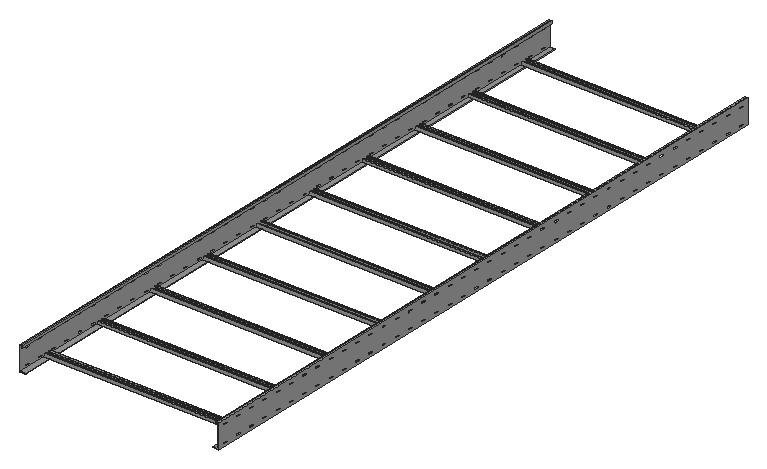
Revit family "Kabelleiter SCLS 1190 3 FTSO", category Generic Models, Revit 2017 (continued)
Dimensions and locks
  locked: plane 51 to Extrusion 14 sketch curve at 14
  locked: Extrusion 15 sketch curve to Extrusion 15 sketch curve at 9
  locked: plane 54 to Extrusion 15 sketch curve at 4.5
  locked: Extrusion 15 sketch curve to Extrusion 15 sketch curve at 28
  locked: plane 53 to Extrusion 15 sketch curve at 14
  locked: Extrusion 16 sketch curve to Extrusion 16 sketch curve at 9
  locked: plane 56 to Extrusion 16 sketch curve at 4.5
  locked: Extrusion 16 sketch curve to Extrusion 16 sketch curve at 28
  locked: plane 55 to Extrusion 16 sketch curve at 14
  group 4 to group 5 = 0 mm  (x2)
  group 4 to group 5 = 75 mm
  locked: Extrusion 17 sketch curve to Extrusion 17 sketch curve at 9
  locked: plane 58 to Extrusion 17 sketch curve at 4.5
  locked: Extrusion 17 sketch curve to Extrusion 17 sketch curve at 28
  locked: plane 57 to Extrusion 17 sketch curve at 14
  locked: Extrusion 18 sketch curve to Extrusion 18 sketch curve at 9
  locked: plane 60 to Extrusion 18 sketch curve at 4.5
  locked: Extrusion 18 sketch curve to Extrusion 18 sketch curve at 28
  locked: plane 59 to Extrusion 18 sketch curve at 14
  group 7 to group 8 = 0 mm  (x2)
  group 7 to group 8 = 75 mm
  locked: Extrusion 19 sketch curve to Extrusion 19 sketch curve at 9
  locked: plane 62 to Extrusion 19 sketch curve at 4.5
  locked: Extrusion 19 sketch curve to Extrusion 19 sketch curve at 28
  locked: plane 61 to Extrusion 19 sketch curve at 14
  locked: Extrusion 20 sketch curve to Extrusion 20 sketch curve at 9
  locked: plane 64 to Extrusion 20 sketch curve at 4.5
  locked: Extrusion 20 sketch curve to Extrusion 20 sketch curve at 28
  locked: plane 63 to Extrusion 20 sketch curve at 14
  group 10 to group 11 = 0 mm  (x2)
  group 10 to group 11 = 75 mm
  locked: Extrusion 21 sketch curve to Extrusion 21 sketch curve at 9
  locked: plane 66 to Extrusion 21 sketch curve at 4.5
  locked: Extrusion 21 sketch curve to Extrusion 21 sketch curve at 28
  locked: plane 65 to Extrusion 21 sketch curve at 14
  locked: Extrusion 22 sketch curve to Extrusion 22 sketch curve at 9
  locked: plane 68 to Extrusion 22 sketch curve at 4.5
  locked: Extrusion 22 sketch curve to Extrusion 22 sketch curve at 28
  locked: plane 67 to Extrusion 22 sketch curve at 14
  group 13 to group 14 = 0 mm  (x2)
  group 13 to group 14 = 75 mm
  locked: Extrusion 23 sketch curve to Extrusion 23 sketch curve at 9
  locked: plane 70 to Extrusion 23 sketch curve at 4.5
  locked: Extrusion 23 sketch curve to Extrusion 23 sketch curve at 28
  locked: plane 69 to Extrusion 23 sketch curve at 14
  locked: Extrusion 24 sketch curve to Extrusion 24 sketch curve at 9
  locked: plane 72 to Extrusion 24 sketch curve at 4.5
  locked: Extrusion 24 sketch curve to Extrusion 24 sketch curve at 28
  locked: plane 71 to Extrusion 24 sketch curve at 14
  group 16 to group 17 = 0 mm  (x2)
  group 16 to group 17 = 75 mm
  locked: Extrusion 25 sketch curve to Extrusion 25 sketch curve at 9
  locked: plane 74 to Extrusion 25 sketch curve at 4.5
  locked: Extrusion 25 sketch curve to Extrusion 25 sketch curve at 28
  locked: plane 73 to Extrusion 25 sketch curve at 14
  locked: Extrusion 26 sketch curve to Extrusion 26 sketch curve at 9
  locked: plane 76 to Extrusion 26 sketch curve at 4.5
  locked: Extrusion 26 sketch curve to Extrusion 26 sketch curve at 28
  locked: plane 75 to Extrusion 26 sketch curve at 14
  group 19 to group 20 = 0 mm  (x2)
  group 19 to group 20 = 75 mm
  locked: Extrusion 27 sketch curve to Extrusion 27 sketch curve at 9
  locked: plane 78 to Extrusion 27 sketch curve at 4.5
  locked: Extrusion 27 sketch curve to Extrusion 27 sketch curve at 28
  locked: plane 77 to Extrusion 27 sketch curve at 14
  locked: Extrusion 28 sketch curve to Extrusion 28 sketch curve at 9
  locked: plane 80 to Extrusion 28 sketch curve at 4.5
  locked: Extrusion 28 sketch curve to Extrusion 28 sketch curve at 28
  locked: plane 79 to Extrusion 28 sketch curve at 14
  group 22 to group 23 = 0 mm  (x2)
  group 22 to group 23 = 75 mm
  locked: Extrusion 29 sketch curve to Extrusion 29 sketch curve at 9
  locked: plane 82 to Extrusion 29 sketch curve at 4.5
  locked: Extrusion 29 sketch curve to Extrusion 29 sketch curve at 28
  locked: plane 81 to Extrusion 29 sketch curve at 14
  locked: Extrusion 30 sketch curve to Extrusion 30 sketch curve at 9
  locked: plane 84 to Extrusion 30 sketch curve at 4.5
  locked: Extrusion 30 sketch curve to Extrusion 30 sketch curve at 28
  locked: plane 83 to Extrusion 30 sketch curve at 14
  group 25 to group 26 = 0 mm  (x2)
  group 25 to group 26 = 75 mm
  locked: Extrusion 31 sketch curve to Extrusion 31 sketch curve at 9
  locked: plane 86 to Extrusion 31 sketch curve at 4.5
  locked: Extrusion 31 sketch curve to Extrusion 31 sketch curve at 28
  locked: plane 85 to Extrusion 31 sketch curve at 14
  locked: Extrusion 32 sketch curve to Extrusion 32 sketch curve at 9
  locked: plane 88 to Extrusion 32 sketch curve at 4.5
  locked: Extrusion 32 sketch curve to Extrusion 32 sketch curve at 28
  locked: plane 87 to Extrusion 32 sketch curve at 14
  group 28 to group 29 = 0 mm  (x2)
  group 28 to group 29 = 75 mm
  locked: Extrusion 33 sketch curve to Extrusion 33 sketch curve at 9
  locked: plane 90 to Extrusion 33 sketch curve at 4.5
  locked: Extrusion 33 sketch curve to Extrusion 33 sketch curve at 28
  locked: plane 89 to Extrusion 33 sketch curve at 14
  locked: Extrusion 34 sketch curve to Extrusion 34 sketch curve at 9
  locked: plane 92 to Extrusion 34 sketch curve at 4.5
  locked: Extrusion 34 sketch curve to Extrusion 34 sketch curve at 28
  locked: plane 91 to Extrusion 34 sketch curve at 14
  group 31 to group 32 = 0 mm  (x2)
  group 31 to group 32 = 75 mm
  locked: Extrusion 35 sketch curve to Extrusion 35 sketch curve at 9
  locked: plane 94 to Extrusion 35 sketch curve at 4.5
  locked: Extrusion 35 sketch curve to Extrusion 35 sketch curve at 28
  locked: plane 93 to Extrusion 35 sketch curve at 14
  locked: Extrusion 36 sketch curve to Extrusion 36 sketch curve at 9
  locked: plane 96 to Extrusion 36 sketch curve at 4.5
  locked: Extrusion 36 sketch curve to Extrusion 36 sketch curve at 28
  locked: plane 95 to Extrusion 36 sketch curve at 14
  group 34 to group 35 = 0 mm  (x2)
  group 34 to group 35 = 75 mm
  locked: Extrusion 37 sketch curve to Extrusion 37 sketch curve at 9
  locked: plane 98 to Extrusion 37 sketch curve at 4.5
  locked: Extrusion 37 sketch curve to Extrusion 37 sketch curve at 28
  locked: plane 97 to Extrusion 37 sketch curve at 14
  locked: Extrusion 38 sketch curve to Extrusion 38 sketch curve at 9
  locked: plane 100 to Extrusion 38 sketch curve at 4.5
  locked: Extrusion 38 sketch curve to Extrusion 38 sketch curve at 28
  locked: plane 99 to Extrusion 38 sketch curve at 14
  group 37 to group 38 = 0 mm  (x2)
  group 37 to group 38 = 75 mm
  locked: Extrusion 39 sketch curve to Extrusion 39 sketch curve at 9
  locked: plane 102 to Extrusion 39 sketch curve at 4.5
  locked: Extrusion 39 sketch curve to Extrusion 39 sketch curve at 28
  locked: plane 101 to Extrusion 39 sketch curve at 14
  locked: Extrusion 40 sketch curve to Extrusion 40 sketch curve at 9
  locked: plane 104 to Extrusion 40 sketch curve at 4.5
  locked: Extrusion 40 sketch curve to Extrusion 40 sketch curve at 28
  locked: plane 103 to Extrusion 40 sketch curve at 14
  group 40 to group 41 = 0 mm  (x2)
  group 40 to group 41 = 75 mm
  locked: Extrusion 41 sketch curve to Extrusion 41 sketch curve at 9
  locked: plane 106 to Extrusion 41 sketch curve at 4.5
  locked: Extrusion 41 sketch curve to Extrusion 41 sketch curve at 28
  locked: plane 105 to Extrusion 41 sketch curve at 14
  locked: Extrusion 42 sketch curve to Extrusion 42 sketch curve at 9
  locked: plane 108 to Extrusion 42 sketch curve at 4.5
  locked: Extrusion 42 sketch curve to Extrusion 42 sketch curve at 28
  locked: plane 107 to Extrusion 42 sketch curve at 14
  group 43 to group 44 = 0 mm  (x2)
  group 43 to group 44 = 75 mm
  locked: Extrusion 43 sketch curve to Extrusion 43 sketch curve at 9
  locked: plane 110 to Extrusion 43 sketch curve at 4.5
  locked: Extrusion 43 sketch curve to Extrusion 43 sketch curve at 28
  locked: plane 109 to Extrusion 43 sketch curve at 14
  locked: Extrusion 44 sketch curve to Extrusion 44 sketch curve at 9
  locked: plane 112 to Extrusion 44 sketch curve at 4.5
  locked: Extrusion 44 sketch curve to Extrusion 44 sketch curve at 28
  locked: plane 111 to Extrusion 44 sketch curve at 14
  group 46 to group 47 = 0 mm  (x2)
  group 46 to group 47 = 75 mm
  locked: Extrusion 45 sketch curve to Extrusion 45 sketch curve at 9
  locked: plane 114 to Extrusion 45 sketch curve at 4.5
  locked: Extrusion 45 sketch curve to Extrusion 45 sketch curve at 28
  locked: plane 113 to Extrusion 45 sketch curve at 14
  locked: Extrusion 46 sketch curve to Extrusion 46 sketch curve at 9
  locked: plane 116 to Extrusion 46 sketch curve at 4.5
  locked: Extrusion 46 sketch curve to Extrusion 46 sketch curve at 28
  locked: plane 115 to Extrusion 46 sketch curve at 14
  group 49 to group 50 = 0 mm  (x2)
  group 49 to group 50 = 75 mm
  locked: Extrusion 47 sketch curve to Extrusion 47 sketch curve at 9
  locked: plane 118 to Extrusion 47 sketch curve at 4.5
  locked: Extrusion 47 sketch curve to Extrusion 47 sketch curve at 28
  locked: plane 117 to Extrusion 47 sketch curve at 14
  locked: Extrusion 48 sketch curve to Extrusion 48 sketch curve at 9
  locked: plane 120 to Extrusion 48 sketch curve at 4.5
  locked: Extrusion 48 sketch curve to Extrusion 48 sketch curve at 28
  locked: plane 119 to Extrusion 48 sketch curve at 14
  group 52 to group 53 = 0 mm  (x2)
  group 52 to group 53 = 75 mm
  locked: Extrusion 49 sketch curve to Extrusion 49 sketch curve at 9
  locked: plane 122 to Extrusion 49 sketch curve at 4.5
  locked: Extrusion 49 sketch curve to Extrusion 49 sketch curve at 28
  locked: plane 121 to Extrusion 49 sketch curve at 14
  locked: Extrusion 50 sketch curve to Extrusion 50 sketch curve at 9
  locked: plane 124 to Extrusion 50 sketch curve at 4.5
  locked: Extrusion 50 sketch curve to Extrusion 50 sketch curve at 28
  locked: plane 123 to Extrusion 50 sketch curve at 14
  group 55 to group 56 = 0 mm  (x2)
  group 55 to group 56 = 75 mm
  locked: Extrusion 51 sketch curve to Extrusion 51 sketch curve at 9
  locked: plane 126 to Extrusion 51 sketch curve at 4.5
  locked: Extrusion 51 sketch curve to Extrusion 51 sketch curve at 28
  locked: plane 125 to Extrusion 51 sketch curve at 14
  locked: Extrusion 52 sketch curve to Extrusion 52 sketch curve at 9
  locked: plane 128 to Extrusion 52 sketch curve at 4.5
  locked: Extrusion 52 sketch curve to Extrusion 52 sketch curve at 28
  locked: plane 127 to Extrusion 52 sketch curve at 14
  group 58 to group 59 = 0 mm  (x2)
  group 58 to group 59 = 75 mm
  locked: Extrusion 53 sketch curve to Extrusion 53 sketch curve at 9
  locked: plane 130 to Extrusion 53 sketch curve at 4.5
  locked: Extrusion 53 sketch curve to Extrusion 53 sketch curve at 28
  locked: plane 129 to Extrusion 53 sketch curve at 14
  locked: Extrusion 54 sketch curve to Extrusion 54 sketch curve at 9
  locked: plane 132 to Extrusion 54 sketch curve at 4.5
  locked: Extrusion 54 sketch curve to Extrusion 54 sketch curve at 28
  locked: plane 131 to Extrusion 54 sketch curve at 14
  group 61 to group 62 = 0 mm  (x2)
  group 61 to group 62 = 75 mm
  locked: Extrusion 55 sketch curve to Extrusion 55 sketch curve at 9
  locked: plane 134 to Extrusion 55 sketch curve at 4.5
  locked: Extrusion 55 sketch curve to Extrusion 55 sketch curve at 28
  locked: plane 133 to Extrusion 55 sketch curve at 14
  locked: Extrusion 56 sketch curve to Extrusion 56 sketch curve at 9
  locked: plane 136 to Extrusion 56 sketch curve at 4.5
  locked: Extrusion 56 sketch curve to Extrusion 56 sketch curve at 28
  locked: plane 135 to Extrusion 56 sketch curve at 14
  group 64 to group 65 = 0 mm  (x2)
  group 64 to group 65 = 75 mm
  locked: Extrusion 57 sketch curve to Extrusion 57 sketch curve at 9
  locked: plane 138 to Extrusion 57 sketch curve at 4.5
  locked: Extrusion 57 sketch curve to Extrusion 57 sketch curve at 28
  locked: plane 137 to Extrusion 57 sketch curve at 14
  locked: Extrusion 58 sketch curve to Extrusion 58 sketch curve at 9
  locked: plane 140 to Extrusion 58 sketch curve at 4.5
  locked: Extrusion 58 sketch curve to Extrusion 58 sketch curve at 28
  locked: plane 139 to Extrusion 58 sketch curve at 14
  group 67 to group 68 = 0 mm  (x2)
  group 67 to group 68 = 75 mm
  locked: Extrusion 59 sketch curve to Extrusion 59 sketch curve at 9
  locked: plane 142 to Extrusion 59 sketch curve at 4.5
  locked: Extrusion 59 sketch curve to Extrusion 59 sketch curve at 28
  locked: plane 141 to Extrusion 59 sketch curve at 14
  locked: Extrusion 60 sketch curve to Extrusion 60 sketch curve at 9
  locked: plane 144 to Extrusion 60 sketch curve at 4.5
  locked: Extrusion 60 sketch curve to Extrusion 60 sketch curve at 28
  locked: plane 143 to Extrusion 60 sketch curve at 14
  group 70 to group 71 = 0 mm  (x2)
  group 70 to group 71 = 75 mm
  locked: Extrusion 61 sketch curve to Extrusion 61 sketch curve at 9
  locked: plane 146 to Extrusion 61 sketch curve at 4.5
  locked: Extrusion 61 sketch curve to Extrusion 61 sketch curve at 28
  locked: plane 145 to Extrusion 61 sketch curve at 14
  locked: Extrusion 62 sketch curve to Extrusion 62 sketch curve at 9
  locked: plane 148 to Extrusion 62 sketch curve at 4.5
  locked: Extrusion 62 sketch curve to Extrusion 62 sketch curve at 28
  locked: plane 147 to Extrusion 62 sketch curve at 14
  group 73 to group 74 = 0 mm  (x2)
  group 73 to group 74 = 75 mm
  locked: Extrusion 63 sketch curve to Extrusion 63 sketch curve at 9
  locked: plane 150 to Extrusion 63 sketch curve at 4.5
  locked: Extrusion 63 sketch curve to Extrusion 63 sketch curve at 28
  locked: plane 149 to Extrusion 63 sketch curve at 14
  locked: Extrusion 64 sketch curve to Extrusion 64 sketch curve at 9
  locked: plane 152 to Extrusion 64 sketch curve at 4.5
  locked: Extrusion 64 sketch curve to Extrusion 64 sketch curve at 28
  locked: plane 151 to Extrusion 64 sketch curve at 14
  group 76 to group 77 = 0 mm  (x2)
  group 76 to group 77 = 75 mm
  locked: Extrusion 65 sketch curve to Extrusion 65 sketch curve at 9
  locked: plane 154 to Extrusion 65 sketch curve at 4.5
  locked: Extrusion 65 sketch curve to Extrusion 65 sketch curve at 28
  locked: plane 153 to Extrusion 65 sketch curve at 14
  locked: Extrusion 66 sketch curve to Extrusion 66 sketch curve at 9
  locked: plane 156 to Extrusion 66 sketch curve at 4.5
  locked: Extrusion 66 sketch curve to Extrusion 66 sketch curve at 28
  locked: plane 155 to Extrusion 66 sketch curve at 14
  group 79 to group 80 = 0 mm  (x2)
  group 79 to group 80 = 75 mm
  locked: Extrusion 67 sketch curve to Extrusion 67 sketch curve at 9
  locked: plane 158 to Extrusion 67 sketch curve at 4.5
  locked: Extrusion 67 sketch curve to Extrusion 67 sketch curve at 28
  locked: plane 157 to Extrusion 67 sketch curve at 14
  locked: Extrusion 68 sketch curve to Extrusion 68 sketch curve at 9
  locked: plane 160 to Extrusion 68 sketch curve at 4.5
  locked: Extrusion 68 sketch curve to Extrusion 68 sketch curve at 28
  locked: plane 159 to Extrusion 68 sketch curve at 14
  group 82 to group 83 = 0 mm  (x2)
  group 82 to group 83 = 75 mm
  locked: Extrusion 69 sketch curve to Extrusion 69 sketch curve at 9
  locked: plane 162 to Extrusion 69 sketch curve at 4.5
  locked: Extrusion 69 sketch curve to Extrusion 69 sketch curve at 28
  locked: plane 161 to Extrusion 69 sketch curve at 14
  locked: Extrusion 70 sketch curve to Extrusion 70 sketch curve at 9
  locked: plane 164 to Extrusion 70 sketch curve at 4.5
  locked: Extrusion 70 sketch curve to Extrusion 70 sketch curve at 28
  locked: plane 163 to Extrusion 70 sketch curve at 14
  group 85 to group 86 = 0 mm  (x2)
  group 85 to group 86 = 75 mm
  locked: Extrusion 71 sketch curve to Extrusion 71 sketch curve at 9
  locked: plane 166 to Extrusion 71 sketch curve at 4.5
  locked: Extrusion 71 sketch curve to Extrusion 71 sketch curve at 28
  locked: plane 165 to Extrusion 71 sketch curve at 14
  locked: Extrusion 72 sketch curve to Extrusion 72 sketch curve at 9
  locked: plane 168 to Extrusion 72 sketch curve at 4.5
  locked: Extrusion 72 sketch curve to Extrusion 72 sketch curve at 28
  locked: plane 167 to Extrusion 72 sketch curve at 14
  group 88 to group 89 = 0 mm  (x2)
  group 88 to group 89 = 75 mm
  locked: Extrusion 73 sketch curve to Extrusion 73 sketch curve at 9
  locked: plane 170 to Extrusion 73 sketch curve at 4.5
  locked: Extrusion 73 sketch curve to Extrusion 73 sketch curve at 28
  locked: plane 169 to Extrusion 73 sketch curve at 14
  locked: Extrusion 74 sketch curve to Extrusion 74 sketch curve at 9
  locked: plane 172 to Extrusion 74 sketch curve at 4.5
  locked: Extrusion 74 sketch curve to Extrusion 74 sketch curve at 28
  locked: plane 171 to Extrusion 74 sketch curve at 14
  group 91 to group 92 = 0 mm  (x2)
  group 91 to group 92 = 75 mm
  locked: Extrusion 75 sketch curve to Extrusion 75 sketch curve at 9
  locked: plane 174 to Extrusion 75 sketch curve at 4.5
  locked: Extrusion 75 sketch curve to Extrusion 75 sketch curve at 28
  locked: plane 173 to Extrusion 75 sketch curve at 14
  locked: Extrusion 76 sketch curve to Extrusion 76 sketch curve at 9
  locked: plane 176 to Extrusion 76 sketch curve at 4.5
  locked: Extrusion 76 sketch curve to Extrusion 76 sketch curve at 28
  locked: plane 175 to Extrusion 76 sketch curve at 14
  group 94 to group 95 = 0 mm  (x2)
  group 94 to group 95 = 75 mm
  locked: Extrusion 77 sketch curve to Extrusion 77 sketch curve at 9
  locked: plane 178 to Extrusion 77 sketch curve at 4.5
  locked: Extrusion 77 sketch curve to Extrusion 77 sketch curve at 28
  locked: plane 177 to Extrusion 77 sketch curve at 14
  locked: Extrusion 78 sketch curve to Extrusion 78 sketch curve at 9
  locked: plane 180 to Extrusion 78 sketch curve at 4.5
  locked: Extrusion 78 sketch curve to Extrusion 78 sketch curve at 28
  locked: plane 179 to Extrusion 78 sketch curve at 14
  group 97 to group 98 = 0 mm  (x2)
  group 97 to group 98 = 75 mm
  locked: Extrusion 79 sketch curve to Extrusion 79 sketch curve at 9
  locked: plane 182 to Extrusion 79 sketch curve at 4.5
  locked: Extrusion 79 sketch curve to Extrusion 79 sketch curve at 28
  locked: plane 181 to Extrusion 79 sketch curve at 14
  locked: Extrusion 80 sketch curve to Extrusion 80 sketch curve at 9
  locked: plane 184 to Extrusion 80 sketch curve at 4.5
  locked: Extrusion 80 sketch curve to Extrusion 80 sketch curve at 28
  locked: plane 183 to Extrusion 80 sketch curve at 14
  group 100 to group 101 = 0 mm  (x2)
  group 100 to group 101 = 75 mm
  locked: Extrusion 81 sketch curve to Extrusion 81 sketch curve at 9
  locked: plane 186 to Extrusion 81 sketch curve at 4.5
  locked: Extrusion 81 sketch curve to Extrusion 81 sketch curve at 28
  locked: plane 185 to Extrusion 81 sketch curve at 14
  locked: Extrusion 82 sketch curve to Extrusion 82 sketch curve at 9
  locked: plane 188 to Extrusion 82 sketch curve at 4.5
  locked: Extrusion 82 sketch curve to Extrusion 82 sketch curve at 28
  locked: plane 187 to Extrusion 82 sketch curve at 14
  group 103 to group 104 = 0 mm  (x2)
  group 103 to group 104 = 75 mm
  locked: Extrusion 83 sketch curve to Extrusion 83 sketch curve at 9
  locked: plane 190 to Extrusion 83 sketch curve at 4.5
  locked: Extrusion 83 sketch curve to Extrusion 83 sketch curve at 28
  locked: plane 189 to Extrusion 83 sketch curve at 14
  locked: Extrusion 84 sketch curve to Extrusion 84 sketch curve at 9
  locked: plane 192 to Extrusion 84 sketch curve at 4.5
  locked: Extrusion 84 sketch curve to Extrusion 84 sketch curve at 28
  locked: plane 191 to Extrusion 84 sketch curve at 14
  group 106 to group 107 = 0 mm  (x2)
  group 106 to group 107 = 75 mm
  locked: Extrusion 85 sketch curve to Extrusion 85 sketch curve at 9
  locked: plane 194 to Extrusion 85 sketch curve at 4.5
  locked: Extrusion 85 sketch curve to Extrusion 85 sketch curve at 28
  locked: plane 193 to Extrusion 85 sketch curve at 14
  locked: Extrusion 86 sketch curve to Extrusion 86 sketch curve at 9
  locked: plane 196 to Extrusion 86 sketch curve at 4.5
  locked: Extrusion 86 sketch curve to Extrusion 86 sketch curve at 28
  locked: plane 195 to Extrusion 86 sketch curve at 14
  group 109 to group 110 = 0 mm  (x2)
  group 109 to group 110 = 75 mm
  locked: Extrusion 87 sketch curve to Extrusion 87 sketch curve at 9
  locked: plane 198 to Extrusion 87 sketch curve at 4.5
  locked: Extrusion 87 sketch curve to Extrusion 87 sketch curve at 28
  locked: plane 197 to Extrusion 87 sketch curve at 14
  locked: Extrusion 88 sketch curve to Extrusion 88 sketch curve at 9
  locked: plane 200 to Extrusion 88 sketch curve at 4.5
  locked: Extrusion 88 sketch curve to Extrusion 88 sketch curve at 28
  locked: plane 199 to Extrusion 88 sketch curve at 14
  group 112 to group 113 = 0 mm  (x2)
  group 112 to group 113 = 75 mm
  locked: Extrusion 89 sketch curve to Extrusion 89 sketch curve at 9
  locked: plane 202 to Extrusion 89 sketch curve at 4.5
  locked: Extrusion 89 sketch curve to Extrusion 89 sketch curve at 28
  locked: plane 201 to Extrusion 89 sketch curve at 14
  locked: Extrusion 90 sketch curve to Extrusion 90 sketch curve at 9
  locked: plane 204 to Extrusion 90 sketch curve at 4.5
  locked: Extrusion 90 sketch curve to Extrusion 90 sketch curve at 28
  locked: plane 203 to Extrusion 90 sketch curve at 14
  group 115 to group 116 = 0 mm  (x2)
  group 115 to group 116 = 75 mm
  locked: Extrusion 91 sketch curve to Extrusion 91 sketch curve at 9
  locked: plane 206 to Extrusion 91 sketch curve at 4.5
  locked: Extrusion 91 sketch curve to Extrusion 91 sketch curve at 28
  locked: plane 205 to Extrusion 91 sketch curve at 14
  locked: Extrusion 92 sketch curve to Extrusion 92 sketch curve at 9
  locked: plane 208 to Extrusion 92 sketch curve at 4.5
  locked: Extrusion 92 sketch curve to Extrusion 92 sketch curve at 28
  locked: plane 207 to Extrusion 92 sketch curve at 14
  group 118 to group 119 = 0 mm  (x2)
  group 118 to group 119 = 75 mm
  locked: Extrusion 93 sketch curve to Extrusion 93 sketch curve at 28
  locked: plane 209 to Extrusion 93 sketch curve at 14
  locked: Extrusion 93 sketch curve to Extrusion 93 sketch curve at 9
  locked: plane 210 to Extrusion 93 sketch curve at 4.5
  locked: Extrusion 94 sketch curve to Extrusion 94 sketch curve at 28
  locked: plane 211 to Extrusion 94 sketch curve at 14
  locked: Extrusion 94 sketch curve to Extrusion 94 sketch curve at 9
  locked: plane 212 to Extrusion 94 sketch curve at 4.5
  locked: Extrusion 95 sketch curve to Extrusion 95 sketch curve at 28
  locked: plane 213 to Extrusion 95 sketch curve at 14
  locked: Extrusion 95 sketch curve to Extrusion 95 sketch curve at 9
  locked: plane 214 to Extrusion 95 sketch curve at 4.5
  locked: Extrusion 96 sketch curve to Extrusion 96 sketch curve at 28
  locked: plane 215 to Extrusion 96 sketch curve at 14
  locked: Extrusion 96 sketch curve to Extrusion 96 sketch curve at 9
  locked: plane 216 to Extrusion 96 sketch curve at 4.5
  equal spacing: group 121, group 122, group 123, group 124, group 125, group 126, group 127, group 128, group 129, group 130, group 131, group 132, group 133, group 134, group 135, group 136, group 137, group 138, group 139, group 140, group 141, group 142, group 143, group 144, group 145, group 146, group 147, group 148, group 149, group 150, group 151, group 152, group 153, group 154, group 155, group 156, group 157, group 158, group 159, group 160  (x3)
  locked: Extrusion 97 sketch curve to Extrusion 97 sketch curve at 28
  locked: plane 217 to Extrusion 97 sketch curve at 14
  locked: Extrusion 97 sketch curve to Extrusion 97 sketch curve at 9
  locked: plane 218 to Extrusion 97 sketch curve at 4.5
  locked: Extrusion 98 sketch curve to Extrusion 98 sketch curve at 28
  locked: plane 219 to Extrusion 98 sketch curve at 14
  locked: Extrusion 98 sketch curve to Extrusion 98 sketch curve at 9
  locked: plane 220 to Extrusion 98 sketch curve at 4.5
  locked: Extrusion 99 sketch curve to Extrusion 99 sketch curve at 28
  locked: plane 221 to Extrusion 99 sketch curve at 14
  locked: Extrusion 99 sketch curve to Extrusion 99 sketch curve at 9
  locked: plane 222 to Extrusion 99 sketch curve at 4.5
  locked: Extrusion 100 sketch curve to Extrusion 100 sketch curve at 28
  locked: plane 223 to Extrusion 100 sketch curve at 14
  locked: Extrusion 100 sketch curve to Extrusion 100 sketch curve at 9
  locked: plane 224 to Extrusion 100 sketch curve at 4.5
  locked: Extrusion 101 sketch curve to Extrusion 101 sketch curve at 28
  locked: plane 225 to Extrusion 101 sketch curve at 14
  locked: Extrusion 101 sketch curve to Extrusion 101 sketch curve at 9
  locked: plane 226 to Extrusion 101 sketch curve at 4.5
  locked: Extrusion 102 sketch curve to Extrusion 102 sketch curve at 28
  locked: plane 227 to Extrusion 102 sketch curve at 14
  locked: Extrusion 102 sketch curve to Extrusion 102 sketch curve at 9
  locked: plane 228 to Extrusion 102 sketch curve at 4.5
  locked: Extrusion 103 sketch curve to Extrusion 103 sketch curve at 28
  locked: plane 229 to Extrusion 103 sketch curve at 14
  locked: Extrusion 103 sketch curve to Extrusion 103 sketch curve at 9
  locked: plane 230 to Extrusion 103 sketch curve at 4.5
  locked: Extrusion 104 sketch curve to Extrusion 104 sketch curve at 28
  locked: plane 231 to Extrusion 104 sketch curve at 14
  locked: Extrusion 104 sketch curve to Extrusion 104 sketch curve at 9
  locked: plane 232 to Extrusion 104 sketch curve at 4.5
  locked: Extrusion 105 sketch curve to Extrusion 105 sketch curve at 28
  locked: plane 233 to Extrusion 105 sketch curve at 14
  locked: Extrusion 105 sketch curve to Extrusion 105 sketch curve at 9
  locked: plane 234 to Extrusion 105 sketch curve at 4.5
  locked: Extrusion 106 sketch curve to Extrusion 106 sketch curve at 28
  locked: plane 235 to Extrusion 106 sketch curve at 14
  locked: Extrusion 106 sketch curve to Extrusion 106 sketch curve at 9
  locked: plane 236 to Extrusion 106 sketch curve at 4.5
  locked: Extrusion 107 sketch curve to Extrusion 107 sketch curve at 28
  locked: plane 237 to Extrusion 107 sketch curve at 14
  locked: Extrusion 107 sketch curve to Extrusion 107 sketch curve at 9
  locked: plane 238 to Extrusion 107 sketch curve at 4.5
  locked: Extrusion 108 sketch curve to Extrusion 108 sketch curve at 28
  locked: plane 239 to Extrusion 108 sketch curve at 14
  locked: Extrusion 108 sketch curve to Extrusion 108 sketch curve at 9
  locked: plane 240 to Extrusion 108 sketch curve at 4.5
  locked: Extrusion 109 sketch curve to Extrusion 109 sketch curve at 28
  locked: plane 241 to Extrusion 109 sketch curve at 14
  locked: Extrusion 109 sketch curve to Extrusion 109 sketch curve at 9
  locked: plane 242 to Extrusion 109 sketch curve at 4.5
  locked: Extrusion 110 sketch curve to Extrusion 110 sketch curve at 28
  locked: plane 243 to Extrusion 110 sketch curve at 14
  locked: Extrusion 110 sketch curve to Extrusion 110 sketch curve at 9
  locked: plane 244 to Extrusion 110 sketch curve at 4.5
  locked: Extrusion 111 sketch curve to Extrusion 111 sketch curve at 28
  locked: plane 245 to Extrusion 111 sketch curve at 14
  locked: Extrusion 111 sketch curve to Extrusion 111 sketch curve at 9
  locked: plane 246 to Extrusion 111 sketch curve at 4.5
  locked: Extrusion 112 sketch curve to Extrusion 112 sketch curve at 28
  locked: plane 247 to Extrusion 112 sketch curve at 14
  locked: Extrusion 112 sketch curve to Extrusion 112 sketch curve at 9
  locked: plane 248 to Extrusion 112 sketch curve at 4.5
  locked: Extrusion 113 sketch curve to Extrusion 113 sketch curve at 28
  locked: plane 249 to Extrusion 113 sketch curve at 14
  locked: Extrusion 113 sketch curve to Extrusion 113 sketch curve at 9
  locked: plane 250 to Extrusion 113 sketch curve at 4.5
  locked: Extrusion 114 sketch curve to Extrusion 114 sketch curve at 28
  locked: plane 251 to Extrusion 114 sketch curve at 14
  locked: Extrusion 114 sketch curve to Extrusion 114 sketch curve at 9
  locked: plane 252 to Extrusion 114 sketch curve at 4.5
  locked: Extrusion 115 sketch curve to Extrusion 115 sketch curve at 28
  locked: plane 253 to Extrusion 115 sketch curve at 14
  locked: Extrusion 115 sketch curve to Extrusion 115 sketch curve at 9
  locked: plane 254 to Extrusion 115 sketch curve at 4.5
  locked: Extrusion 116 sketch curve to Extrusion 116 sketch curve at 28
  locked: plane 255 to Extrusion 116 sketch curve at 14
  locked: Extrusion 116 sketch curve to Extrusion 116 sketch curve at 9
  locked: plane 256 to Extrusion 116 sketch curve at 4.5
  locked: Extrusion 117 sketch curve to Extrusion 117 sketch curve at 28
  locked: plane 257 to Extrusion 117 sketch curve at 14
  locked: Extrusion 117 sketch curve to Extrusion 117 sketch curve at 9
  locked: plane 258 to Extrusion 117 sketch curve at 4.5
  locked: Extrusion 118 sketch curve to Extrusion 118 sketch curve at 28
  locked: plane 259 to Extrusion 118 sketch curve at 14
  locked: Extrusion 118 sketch curve to Extrusion 118 sketch curve at 9
  locked: plane 260 to Extrusion 118 sketch curve at 4.5
  locked: Extrusion 119 sketch curve to Extrusion 119 sketch curve at 28
  locked: plane 261 to Extrusion 119 sketch curve at 14
  locked: Extrusion 119 sketch curve to Extrusion 119 sketch curve at 9
  locked: plane 262 to Extrusion 119 sketch curve at 4.5
  locked: Extrusion 120 sketch curve to Extrusion 120 sketch curve at 28
  locked: plane 263 to Extrusion 120 sketch curve at 14
  locked: Extrusion 120 sketch curve to Extrusion 120 sketch curve at 9
  locked: plane 264 to Extrusion 120 sketch curve at 4.5
  locked: Extrusion 121 sketch curve to Extrusion 121 sketch curve at 28
  locked: plane 265 to Extrusion 121 sketch curve at 14
  locked: Extrusion 121 sketch curve to Extrusion 121 sketch curve at 9
  locked: plane 266 to Extrusion 121 sketch curve at 4.5
  locked: Extrusion 122 sketch curve to Extrusion 122 sketch curve at 28
  locked: plane 267 to Extrusion 122 sketch curve at 14
  locked: Extrusion 122 sketch curve to Extrusion 122 sketch curve at 9
  locked: plane 268 to Extrusion 122 sketch curve at 4.5
  locked: Extrusion 123 sketch curve to Extrusion 123 sketch curve at 28
  locked: plane 269 to Extrusion 123 sketch curve at 14
  locked: Extrusion 123 sketch curve to Extrusion 123 sketch curve at 9
  locked: plane 270 to Extrusion 123 sketch curve at 4.5
  locked: Extrusion 124 sketch curve to Extrusion 124 sketch curve at 28
  locked: plane 271 to Extrusion 124 sketch curve at 14
  locked: Extrusion 124 sketch curve to Extrusion 124 sketch curve at 9
  locked: plane 272 to Extrusion 124 sketch curve at 4.5
  locked: Extrusion 125 sketch curve to Extrusion 125 sketch curve at 28
  locked: plane 273 to Extrusion 125 sketch curve at 14
  locked: Extrusion 125 sketch curve to Extrusion 125 sketch curve at 9
  locked: plane 274 to Extrusion 125 sketch curve at 4.5
  locked: Extrusion 126 sketch curve to Extrusion 126 sketch curve at 28
  locked: plane 275 to Extrusion 126 sketch curve at 14
  locked: Extrusion 126 sketch curve to Extrusion 126 sketch curve at 9
  locked: plane 276 to Extrusion 126 sketch curve at 4.5
  locked: Extrusion 127 sketch curve to Extrusion 127 sketch curve at 28
  locked: plane 277 to Extrusion 127 sketch curve at 14
  locked: Extrusion 127 sketch curve to Extrusion 127 sketch curve at 9
  locked: plane 278 to Extrusion 127 sketch curve at 4.5
  locked: Extrusion 128 sketch curve to Extrusion 128 sketch curve at 28
  locked: plane 279 to Extrusion 128 sketch curve at 14
  locked: Extrusion 128 sketch curve to Extrusion 128 sketch curve at 9
  locked: plane 280 to Extrusion 128 sketch curve at 4.5
  locked: Extrusion 129 sketch curve to Extrusion 129 sketch curve at 28
  locked: plane 281 to Extrusion 129 sketch curve at 14
  locked: Extrusion 129 sketch curve to Extrusion 129 sketch curve at 9
  locked: plane 282 to Extrusion 129 sketch curve at 4.5
  locked: Extrusion 130 sketch curve to Extrusion 130 sketch curve at 28
  locked: plane 283 to Extrusion 130 sketch curve at 14
  locked: Extrusion 130 sketch curve to Extrusion 130 sketch curve at 9
  locked: plane 284 to Extrusion 130 sketch curve at 4.5
  locked: Extrusion 131 sketch curve to Extrusion 131 sketch curve at 28
  locked: plane 285 to Extrusion 131 sketch curve at 14
  locked: Extrusion 131 sketch curve to Extrusion 131 sketch curve at 9
  locked: plane 286 to Extrusion 131 sketch curve at 4.5
  locked: Extrusion 132 sketch curve to Extrusion 132 sketch curve at 28
  locked: plane 287 to Extrusion 132 sketch curve at 14
  locked: Extrusion 132 sketch curve to Extrusion 132 sketch curve at 9
  locked: plane 288 to Extrusion 132 sketch curve at 4.5
  locked: Extrusion 133 sketch curve to Extrusion 133 sketch curve at 28
  locked: plane 289 to Extrusion 133 sketch curve at 14
  locked: Extrusion 133 sketch curve to Extrusion 133 sketch curve at 9
  locked: plane 290 to Extrusion 133 sketch curve at 4.5
  locked: Extrusion 134 sketch curve to Extrusion 134 sketch curve at 28
  locked: plane 291 to Extrusion 134 sketch curve at 14
  locked: Extrusion 134 sketch curve to Extrusion 134 sketch curve at 9
  locked: plane 292 to Extrusion 134 sketch curve at 4.5
  locked: Extrusion 135 sketch curve to Extrusion 135 sketch curve at 28
  locked: plane 293 to Extrusion 135 sketch curve at 14
  locked: Extrusion 135 sketch curve to Extrusion 135 sketch curve at 9
  locked: plane 294 to Extrusion 135 sketch curve at 4.5
  locked: Extrusion 136 sketch curve to Extrusion 136 sketch curve at 28
  locked: plane 295 to Extrusion 136 sketch curve at 14
  locked: Extrusion 136 sketch curve to Extrusion 136 sketch curve at 9
  locked: plane 296 to Extrusion 136 sketch curve at 4.5
  locked: Extrusion 137 sketch curve to Extrusion 137 sketch curve at 28
  locked: plane 297 to Extrusion 137 sketch curve at 14
  locked: Extrusion 137 sketch curve to Extrusion 137 sketch curve at 9
  locked: plane 298 to Extrusion 137 sketch curve at 4.5
  locked: Extrusion 138 sketch curve to Extrusion 138 sketch curve at 28
  locked: plane 299 to Extrusion 138 sketch curve at 14
  locked: Extrusion 138 sketch curve to Extrusion 138 sketch curve at 9
  locked: plane 300 to Extrusion 138 sketch curve at 4.5
  locked: Extrusion 139 sketch curve to Extrusion 139 sketch curve at 28
  locked: plane 301 to Extrusion 139 sketch curve at 14
  locked: Extrusion 139 sketch curve to Extrusion 139 sketch curve at 9
  locked: plane 302 to Extrusion 139 sketch curve at 4.5
  locked: Extrusion 140 sketch curve to Extrusion 140 sketch curve at 28
  locked: plane 303 to Extrusion 140 sketch curve at 14
  locked: Extrusion 140 sketch curve to Extrusion 140 sketch curve at 9
  locked: plane 304 to Extrusion 140 sketch curve at 4.5
  locked: Extrusion 141 sketch curve to Extrusion 141 sketch curve at 28
  locked: plane 305 to Extrusion 141 sketch curve at 14
  locked: Extrusion 141 sketch curve to Extrusion 141 sketch curve at 9
  locked: plane 306 to Extrusion 141 sketch curve at 4.5
  locked: Extrusion 142 sketch curve to Extrusion 142 sketch curve at 28
  locked: plane 307 to Extrusion 142 sketch curve at 14
  locked: Extrusion 142 sketch curve to Extrusion 142 sketch curve at 9
  locked: plane 308 to Extrusion 142 sketch curve at 4.5
  locked: Extrusion 143 sketch curve to Extrusion 143 sketch curve at 28
  locked: plane 309 to Extrusion 143 sketch curve at 14
  locked: Extrusion 143 sketch curve to Extrusion 143 sketch curve at 9
  locked: plane 310 to Extrusion 143 sketch curve at 4.5
  locked: Extrusion 144 sketch curve to Extrusion 144 sketch curve at 28
  locked: plane 311 to Extrusion 144 sketch curve at 14
  locked: Extrusion 144 sketch curve to Extrusion 144 sketch curve at 9
  locked: plane 312 to Extrusion 144 sketch curve at 4.5
  locked: Extrusion 145 sketch curve to Extrusion 145 sketch curve at 28
  locked: plane 313 to Extrusion 145 sketch curve at 14
  locked: Extrusion 145 sketch curve to Extrusion 145 sketch curve at 9
  locked: plane 314 to Extrusion 145 sketch curve at 4.5
  locked: Extrusion 146 sketch curve to Extrusion 146 sketch curve at 28
  locked: plane 315 to Extrusion 146 sketch curve at 14
  locked: Extrusion 146 sketch curve to Extrusion 146 sketch curve at 9
  locked: plane 316 to Extrusion 146 sketch curve at 4.5
  locked: Extrusion 147 sketch curve to Extrusion 147 sketch curve at 28
  locked: plane 317 to Extrusion 147 sketch curve at 14
  locked: Extrusion 147 sketch curve to Extrusion 147 sketch curve at 9
  locked: plane 318 to Extrusion 147 sketch curve at 4.5
  locked: Extrusion 148 sketch curve to Extrusion 148 sketch curve at 28
  locked: plane 319 to Extrusion 148 sketch curve at 14
  locked: Extrusion 148 sketch curve to Extrusion 148 sketch curve at 9
  locked: plane 320 to Extrusion 148 sketch curve at 4.5
  locked: Extrusion 149 sketch curve to Extrusion 149 sketch curve at 28
  locked: plane 321 to Extrusion 149 sketch curve at 14
  locked: Extrusion 149 sketch curve to Extrusion 149 sketch curve at 9
  locked: plane 322 to Extrusion 149 sketch curve at 4.5
  locked: Extrusion 150 sketch curve to Extrusion 150 sketch curve at 28
  locked: plane 323 to Extrusion 150 sketch curve at 14
  locked: Extrusion 150 sketch curve to Extrusion 150 sketch curve at 9
  locked: plane 324 to Extrusion 150 sketch curve at 4.5
  locked: Extrusion 151 sketch curve to Extrusion 151 sketch curve at 28
  locked: plane 325 to Extrusion 151 sketch curve at 14
  locked: Extrusion 151 sketch curve to Extrusion 151 sketch curve at 9
  locked: plane 326 to Extrusion 151 sketch curve at 4.5
  locked: Extrusion 152 sketch curve to Extrusion 152 sketch curve at 28
  locked: plane 327 to Extrusion 152 sketch curve at 14
  locked: Extrusion 152 sketch curve to Extrusion 152 sketch curve at 9
  locked: plane 328 to Extrusion 152 sketch curve at 4.5
  locked: Extrusion 153 sketch curve to Extrusion 153 sketch curve at 28
  locked: plane 329 to Extrusion 153 sketch curve at 14
  locked: Extrusion 153 sketch curve to Extrusion 153 sketch curve at 9
  locked: plane 330 to Extrusion 153 sketch curve at 4.5
  locked: Extrusion 154 sketch curve to Extrusion 154 sketch curve at 28
  locked: plane 331 to Extrusion 154 sketch curve at 14
  locked: Extrusion 154 sketch curve to Extrusion 154 sketch curve at 9
  locked: plane 332 to Extrusion 154 sketch curve at 4.5
  locked: Extrusion 155 sketch curve to Extrusion 155 sketch curve at 28
  locked: plane 333 to Extrusion 155 sketch curve at 14
  locked: Extrusion 155 sketch curve to Extrusion 155 sketch curve at 9
  locked: plane 334 to Extrusion 155 sketch curve at 4.5
  locked: Extrusion 156 sketch curve to Extrusion 156 sketch curve at 28
  locked: plane 335 to Extrusion 156 sketch curve at 14
  locked: Extrusion 156 sketch curve to Extrusion 156 sketch curve at 9
  locked: plane 336 to Extrusion 156 sketch curve at 4.5
  locked: Extrusion 157 sketch curve to Extrusion 157 sketch curve at 28
  locked: plane 337 to Extrusion 157 sketch curve at 14
  locked: Extrusion 157 sketch curve to Extrusion 157 sketch curve at 9
  locked: plane 338 to Extrusion 157 sketch curve at 4.5
  locked: Extrusion 158 sketch curve to Extrusion 158 sketch curve at 28
  locked: plane 339 to Extrusion 158 sketch curve at 14
  locked: Extrusion 158 sketch curve to Extrusion 158 sketch curve at 9
  locked: plane 340 to Extrusion 158 sketch curve at 4.5
  locked: Extrusion 159 sketch curve to Extrusion 159 sketch curve at 28
  locked: plane 341 to Extrusion 159 sketch curve at 14
  locked: Extrusion 159 sketch curve to Extrusion 159 sketch curve at 9
  locked: plane 342 to Extrusion 159 sketch curve at 4.5
  locked: Extrusion 160 sketch curve to Extrusion 160 sketch curve at 28
  locked: plane 343 to Extrusion 160 sketch curve at 14
  locked: Extrusion 160 sketch curve to Extrusion 160 sketch curve at 9
  locked: plane 344 to Extrusion 160 sketch curve at 4.5
  locked: Extrusion 161 sketch curve to Extrusion 161 sketch curve at 28
  locked: plane 345 to Extrusion 161 sketch curve at 14
  locked: Extrusion 161 sketch curve to Extrusion 161 sketch curve at 9
  locked: plane 346 to Extrusion 161 sketch curve at 4.5
  locked: Extrusion 162 sketch curve to Extrusion 162 sketch curve at 28
  locked: plane 347 to Extrusion 162 sketch curve at 14
  locked: Extrusion 162 sketch curve to Extrusion 162 sketch curve at 9
  locked: plane 348 to Extrusion 162 sketch curve at 4.5
  locked: Extrusion 163 sketch curve to Extrusion 163 sketch curve at 28
  locked: plane 349 to Extrusion 163 sketch curve at 14
  locked: Extrusion 163 sketch curve to Extrusion 163 sketch curve at 9
  locked: plane 350 to Extrusion 163 sketch curve at 4.5
  locked: Extrusion 164 sketch curve to Extrusion 164 sketch curve at 28
  locked: plane 351 to Extrusion 164 sketch curve at 14
  locked: Extrusion 164 sketch curve to Extrusion 164 sketch curve at 9
  locked: plane 352 to Extrusion 164 sketch curve at 4.5
  locked: Extrusion 165 sketch curve to Extrusion 165 sketch curve at 28
  locked: plane 353 to Extrusion 165 sketch curve at 14
  locked: Extrusion 165 sketch curve to Extrusion 165 sketch curve at 9
  locked: plane 354 to Extrusion 165 sketch curve at 4.5
  locked: Extrusion 166 sketch curve to Extrusion 166 sketch curve at 28
  locked: plane 355 to Extrusion 166 sketch curve at 14
  locked: Extrusion 166 sketch curve to Extrusion 166 sketch curve at 9
  locked: plane 356 to Extrusion 166 sketch curve at 4.5
  locked: Extrusion 167 sketch curve to Extrusion 167 sketch curve at 28
  locked: plane 357 to Extrusion 167 sketch curve at 14
  locked: Extrusion 167 sketch curve to Extrusion 167 sketch curve at 9
  locked: plane 358 to Extrusion 167 sketch curve at 4.5
  locked: Extrusion 168 sketch curve to Extrusion 168 sketch curve at 28
  locked: plane 359 to Extrusion 168 sketch curve at 14
  locked: Extrusion 168 sketch curve to Extrusion 168 sketch curve at 9
  locked: plane 360 to Extrusion 168 sketch curve at 4.5
  locked: Extrusion 169 sketch curve to Extrusion 169 sketch curve at 28
  locked: plane 361 to Extrusion 169 sketch curve at 14
  locked: Extrusion 169 sketch curve to Extrusion 169 sketch curve at 9
  locked: plane 362 to Extrusion 169 sketch curve at 4.5
  locked: Extrusion 170 sketch curve to Extrusion 170 sketch curve at 28
  locked: plane 363 to Extrusion 170 sketch curve at 14
  locked: Extrusion 170 sketch curve to Extrusion 170 sketch curve at 9
  locked: plane 364 to Extrusion 170 sketch curve at 4.5
  locked: Extrusion 171 sketch curve to Extrusion 171 sketch curve at 28
  locked: plane 365 to Extrusion 171 sketch curve at 14
  locked: Extrusion 171 sketch curve to Extrusion 171 sketch curve at 9
  locked: plane 366 to Extrusion 171 sketch curve at 4.5
  locked: Extrusion 172 sketch curve to Extrusion 172 sketch curve at 28
  locked: plane 367 to Extrusion 172 sketch curve at 14
  locked: Extrusion 172 sketch curve to Extrusion 172 sketch curve at 9
  locked: plane 368 to Extrusion 172 sketch curve at 4.5
  aligned and locked: level to plane 2
  aligned and locked: plane 5 to plane 4
  aligned and locked: Extrusion 1 sketch curve to plane 2
  aligned and locked: plane 2 to Extrusion 1 sketch curve
  aligned and locked: Extrusion 1 to plane 6
  aligned and locked: Extrusion 2 to Extrusion 1  (x3)
  aligned and locked: Extrusion 12 to plane 3 "Center (Left/Right)"
  aligned and locked: Extrusion 1 to Extrusion 12
  aligned and locked: Extrusion 1 to Extrusion 93  (x2)
Automatic sketch dimensions
  Extrusion 1 sketch curve to plane 3 "Center (Left/Right)" = 0 mm
  plane 4 to Extrusion 1 sketch curve = 100 mm
  Extrusion 1 sketch curve to Extrusion 1 sketch curve = 10 mm
  Extrusion 2 sketch curve to plane 8 = 0 mm  (x2)
  Extrusion 2 sketch curve to plane 10 = 0 mm
  Extrusion 2 sketch curve to Extrusion 2 sketch curve = 11 mm
  Extrusion 2 sketch curve to Extrusion 2 sketch curve = 2 mm
  Extrusion 3 sketch curve to plane 12 = 0 mm  (x2)
  Extrusion 3 sketch curve to plane 14 = 0 mm
  Extrusion 3 sketch curve to Extrusion 3 sketch curve = 11 mm
  Extrusion 3 sketch curve to Extrusion 3 sketch curve = 2 mm
  Extrusion 4 sketch curve to plane 16 = 0 mm  (x2)
  Extrusion 4 sketch curve to plane 18 = 0 mm
  Extrusion 4 sketch curve to Extrusion 4 sketch curve = 11 mm
  Extrusion 4 sketch curve to Extrusion 4 sketch curve = 2 mm
  Extrusion 5 sketch curve to plane 20 = 0 mm  (x2)
  Extrusion 5 sketch curve to plane 22 = 0 mm
  Extrusion 5 sketch curve to Extrusion 5 sketch curve = 11 mm
  Extrusion 5 sketch curve to Extrusion 5 sketch curve = 2 mm
  Extrusion 6 sketch curve to plane 24 = 0 mm  (x2)
  Extrusion 6 sketch curve to plane 26 = 0 mm
  Extrusion 6 sketch curve to Extrusion 6 sketch curve = 11 mm
  Extrusion 6 sketch curve to Extrusion 6 sketch curve = 2 mm
  Extrusion 7 sketch curve to plane 28 = 0 mm  (x2)
  Extrusion 7 sketch curve to plane 30 = 0 mm
  Extrusion 7 sketch curve to Extrusion 7 sketch curve = 11 mm
  Extrusion 7 sketch curve to Extrusion 7 sketch curve = 2 mm
  Extrusion 8 sketch curve to plane 32 = 0 mm  (x2)
  Extrusion 8 sketch curve to plane 34 = 0 mm
  Extrusion 8 sketch curve to Extrusion 8 sketch curve = 11 mm
  Extrusion 8 sketch curve to Extrusion 8 sketch curve = 2 mm
  Extrusion 9 sketch curve to plane 36 = 0 mm  (x2)
  Extrusion 9 sketch curve to plane 38 = 0 mm
  Extrusion 9 sketch curve to Extrusion 9 sketch curve = 11 mm
  Extrusion 9 sketch curve to Extrusion 9 sketch curve = 2 mm
  Extrusion 10 sketch curve to plane 40 = 0 mm  (x2)
  Extrusion 10 sketch curve to plane 42 = 0 mm
  Extrusion 10 sketch curve to Extrusion 10 sketch curve = 11 mm
  Extrusion 10 sketch curve to Extrusion 10 sketch curve = 2 mm
  Extrusion 11 sketch curve to plane 44 = 0 mm  (x2)
  Extrusion 11 sketch curve to plane 46 = 0 mm
  Extrusion 11 sketch curve to Extrusion 11 sketch curve = 11 mm
  Extrusion 11 sketch curve to Extrusion 11 sketch curve = 2 mm
